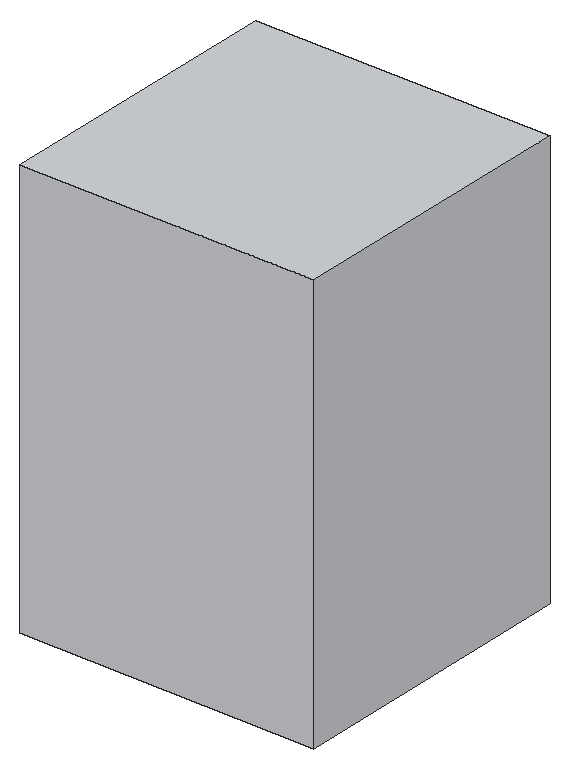
Revit family "Conexão de drenos de telhado_M", category Terreno, Revit 2019
Family settings
  Cota do conector redondo = Usar raio
  Tipo de parte = Normal
  ID de item do Seek = Roof Drain(s) Connection-0000-CAN-ENU
  Com base no plano de trabalho = Não
  Sempre na vertical = Sim
  Corte com vazios quando carregada = Não
  Compartilhado = Não
Parameters (values of type "500 mmx500 mm")
  Largura = 700 mm
  Raio da saída [instance] = 100 mm
  Diâmetro da saída [instance] = 2 * Raio da saída  # 200 mm
  Comprimento = 700 mm
  Raio da embocadura [instance] = 100 mm
  Deslocamento inferior de entrada do nível [instance] = 800 mm
  Deslocamento superior da parede do nível [instance] = 200 mm
  Deslocamento inferior de saída do nível [instance] = 800 mm
  Diâmetro da embocadura [instance] = 2 * Raio da embocadura  # 200 mm
  Altura = 1000 mm
Types (4, lengths in mm): name | Largura | Raio da saída | Diâmetro da saída | Comprimento | Raio da embocadura | Deslocamento inferior de entrada do nível | Deslocamento inferior de saída do nível | Diâmetro da embocadura | Altura
  (no name) | 700 | 100 | 200 | 700 | 100 | 800 | 800 | 200 | 1000
  500 mmx500 mm | 700 | 100 | 200 | 700 | 100 | 800 | 800 | 200 | 1000
  600 mmx600 mm | 1100 | 150 | 300 | 1100 | 150 | 1050 | 1050 | 300 | 1250
  700 mmx700 mm | 1200 | 200 | 400 | 1200 | 200 | 1450 | 1450 | 400 | 1500
Reference planes
  plane 1 "Centro (Frente/Trás)": y = 0
  plane 2: z = 0
  plane 3 "Centro (Esquerda/Direita)": x = 0
  plane 4: z = -700
  plane 5: x = 700
  plane 6: z = -200
  plane 7: z = -1200
  plane 8: y = 350
  plane 9: y = -350
  plane 10: z = -700
  plane 11: z = -800
  plane 12: z = -800
  plane 13: x = 350
Forms (mm)
  Extrusion 1, solid
    sketch origin (0, 0, 0) x (1, 0, 0) y (0, 0, 1)
      loop
        line (0, -200) -> (0, -1200) -> (700, -1200) -> (700, -200) -> (0, -200)
    from -350 to 350
  Extrusion 2, solid
    sketch origin (0, 0, 0) x (0, 1, 0) y (0, 0, 1)
      loop
        circle (0, -700) r 100
    from 0 to 304.8
  Extrusion 3, solid
    sketch origin (0, 0, 0) x (0, 1, 0) y (0, 0, 1)
      loop
        circle (0, -700) r 100
    from 563.01 to 700
Cuts and joins
  joined: Extrusion 1, Extrusion 2, Extrusion 3
Dimensions and locks
  "Comprimento": plane 5 to plane 3 "Centro (Esquerda/Direita)"
  "Altura": plane 6 to plane 7
  equal spacing: plane 9, plane 1 "Centro (Frente/Trás)", plane 8
  "Largura": plane 8 to plane 9
  "Deslocamento superior da parede do nível": plane 2 to plane 6
  "Raio da embocadura": plane 10 to plane 11
  "Raio da saída": plane 4 to plane 12
  "Deslocamento inferior de entrada do nível": plane 2 to plane 11
  "Deslocamento inferior de saída do nível": plane 2 to plane 12
  equal spacing: plane 3 "Centro (Esquerda/Direita)", plane 13, plane 5
  "Raio da embocadura": radius of Extrusion 2 sketch curve
  "Raio da saída": radius of Extrusion 3 sketch curve
  aligned and locked: level to plane 2
  aligned and locked: plane 3 "Centro (Esquerda/Direita)" to Extrusion 1 sketch curve
  aligned and locked: Extrusion 1 sketch curve to plane 6
  aligned and locked: plane 7 to Extrusion 1 sketch curve
  aligned and locked: Extrusion 1 sketch curve to plane 5
  aligned and locked: plane 8 to Extrusion 1
  aligned and locked: Extrusion 1 to plane 9
  aligned and locked: plane 10 to Extrusion 2 sketch curve
  aligned and locked: plane 1 "Centro (Frente/Trás)" to Extrusion 2 sketch curve
  aligned and locked: plane 4 to Extrusion 3 sketch curve
  aligned and locked: plane 1 "Centro (Frente/Trás)" to Extrusion 3 sketch curve
  aligned and locked: Extrusion 2 to plane 3 "Centro (Esquerda/Direita)"
  aligned and locked: plane 5 to Extrusion 3
  aligned and locked: plane 13 to nested 1
  aligned and locked: plane 1 "Centro (Frente/Trás)" to nested 1
Nested families
  nested 1: "Símbolo" at (350, 0, 0), type "Símbolo"
Connectors
  piping at (0, 0, -700), diameter 200, driven by "Raio da embocadura"
    settings: on Extrusion 2, index 1, connector inside diameter 200 mm, connector length 0 mm, flow factor 0, pipe flow 0.0 L/s, pressure drop 0.0 Pa, fitting loss kfactor 0, connector angle 0.00°, fixture units 0, engagement length 0 mm, angle of deflection 0.00°, flow configuration 0, flow direction 1, fitting loss method 0, system type 29, joint type 0, gender type 0, connector reference index 2, connector utility 0, adjustable connector no, is connector primary yes, connector description "Entrada da tempestade"
  piping at (700, 0, -700), diameter 200, driven by "Raio da saída"
    settings: on Extrusion 3, index 2, connector inside diameter 200 mm, connector length 0 mm, flow factor 0, pipe flow 0.0 L/s, pressure drop 0.0 Pa, fitting loss kfactor 0, connector angle 0.00°, fixture units 0, engagement length 0 mm, angle of deflection 0.00°, flow configuration 0, flow direction 2, fitting loss method 0, system type 29, joint type 0, gender type 0, connector reference index 1, connector utility 1, adjustable connector no, is connector primary no, connector description "Saída da tempestade"
Definition of nested family "Símbolo"
  Reference planes
    plane 1: y = 0
    plane 2: x = 0
  Text (mm)
    text "Tempestade" at (-4.191, 1.923, 0)
